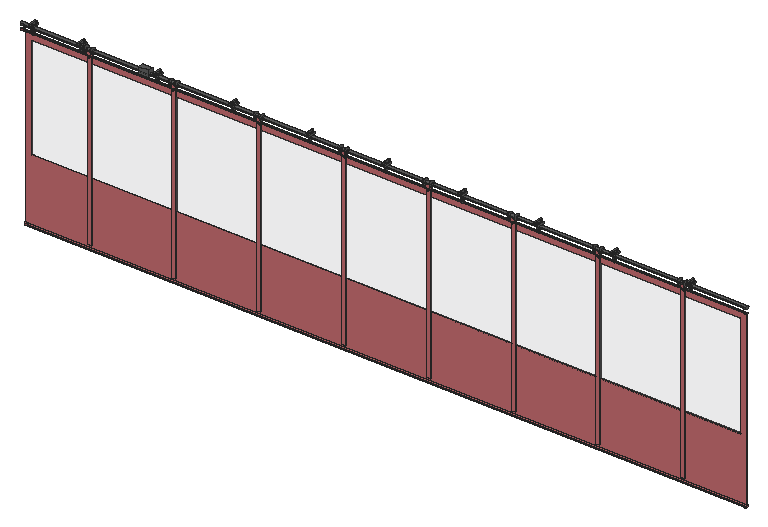
Revit family "Gymnasium-Eqpt_Divider-Curtain_IPIbybison_FoldUp", category Specialty Equipment, Revit 2018
Family settings
  Round Connector Dimension = Use Diameter
  Part Type = Normal
  OmniClass Number = 23.40.50.34.17
  OmniClass Title = Gymnasium Dividers
  Always vertical = Yes
  Cut with Voids When Loaded = No
  Shared = No
  Room Calculation Point = No
Parameters (values of type "as Specified")
  solidvinylheight [instance] = if(Show not in use, 2' 0", Solid Vinyl Height)  # 8' - 0"
  rollercount [instance] = (Unit Length - (Roller Spacing from Edge * 2)) / Roller Spacing  # 8
  meshvis [instance] = not(Show not in use)  # yes
  clampcount [instance] = if(Number of Clamps < 2, 2, Number of Clamps)  # 9
  Warranty Duration (Years) = 0
  Unit Weight [instance] = 0
  Unit Length [instance] = 90' - 0"
  URL = "https://ipibybison.com/"
  Strap Length [instance] = if(Show not in use, 1' 8", Opening Height - 0' 2" - 0' 6")  # 22' - 4"
  Specification = ""
  SpecWizard = ""
  Solid Vinyl Height [instance] = 8' - 0"
  Show not in use [instance] = no
  Second Clamp Spacing [instance] = 6' - 0"
  Sales Information = "https://ipibybison.com/ArchitectsPage.php"
  Roller Spacing from Edge [instance] = 8' - 0"
  Roller Spacing [instance] = 9' - 3"
  Revision = "R1_2018-06"
  Product Properties = ""
  Product Data = "http://www.arcat.com/arcatcos/cos49/arc49571.html"
  Panel Material [instance] = Vinyl - Solid - IPI by Bison - Red
  Opening Height [instance] = 23' - 0"
  Number of Clamps [instance] = (Unit Length - (Clamp Inset from Edge * 2) - (Second Clamp Spacing * 2)) / Clamp Spacing + 1  # 9
  Motor RPM [instance] = 0
  Motor HP [instance] = 0
  Model = "IP850"
  Mesh Material [instance] = Vinyl - Mesh - IPI by Bison - Gray
  Maximum Size = "40' Height x 120' Length"
  Manufacturer Website = "https://ipibybison.com/"
  Manufacturer Phone - Toll Free = "800-637-7968"
  Manufacturer Phone = ""
  Manufacturer Fax = "800-638-0698"
  Manufacturer Address = "603 L St  Lincoln, NE 68508"
  Manufacturer = "IPI by Bison"
  Maintenance Schedule (Months) = 0
  Locate Motor [instance] = 15' - 0"
  Keynote = "11 66 53"
  Installation-Fabrication = ""
  Installation Phase = ""
  Height of Bottom of Curtain [instance] = if(Show not in use, Curtain Height - 2' 0", 0' 0")  # 0' - 0"
  Green Building-LEED = ""
  Frame Finish [instance] = Finish - IPI by Bison - Black
  Flange Width [instance] = 0' - 7"
  Expected Lifespan (Years) = 0
  Electrical_Voltage [instance] = 0 V
  Electrical_VA [instance] = 0 VA
  Electrical_Phase [instance] = 1
  Electrical_Number of Poles [instance] = 1
  Electrical_Amperage [instance] = 0 A
  Drawn By = "Sumex Design, Inc. / Robert S. Weygant, CSI, CDT, SCIP"
  Description = "IPI by Bison Motorized Fold Up Divider Curtain - IP850 as Specified"
  Curtain Height [instance] = Opening Height - 0' 2" - 0' 6 1/4"  # 22' - 3 3/4"
  Copyright = "©Arcat Inc."
  Construction Details = ""
  Clamp Spacing [instance] = 10' - 0"
  Clamp Inset from Edge [instance] = 1' - 0"
  Available Options = "as Specified"
Reference planes (in)
  plane 1 "Center (Front/Back)": y = 0
  plane 2: z = 0
  plane 3 "Center (Left/Right)": x = 0
  plane 4: z = 269.75
  plane 5: x = -540
  plane 6: x = 540
  plane 7: x = -546
  plane 8: x = -528
  plane 9: x = 528
  plane 10: z = 98
  plane 11: z = 2
  plane 12: x = -456
  plane 13: x = 456
  plane 14: x = -444
  plane 15: x = 444
  plane 16: x = 546
  plane 17: x = -360
Forms (in)
  Extrusion 1, solid, material "Finish - IPI by Bison - Black" <- "Frame Finish"
    sketch origin (0, 0, 0) x (0, 1, 0) y (0, 0, 1)
      loop
        circle (0, 269.75) r 2
      loop
        circle (0, 262.05122) r 0.8125
    from -546 to 540
  Extrusion 2, solid, material "Finish - IPI by Bison - Black" <- "Frame Finish"
    sketch origin (0, 0, 0) x (1, 0, 0) y (0, 0, 1)
      loop
        line (-353, 276) -> (-367, 276) -> (-367, 266) -> (-353, 266) -> (-353, 276)
    from -3.90461 to 3.54338
  Extrusion 3, solid, material "Vinyl - Solid - IPI by Bison - Red" <- "Panel Material", visible <- "meshvis"
    sketch origin (0, 0, 0) x (1, 0, 0) y (0, 0, 1)
      loop
        line (-540, 261.23872) -> (-540, 2) -> (540, 2) -> (540, 261.23872) -> (-540, 261.23872)
      loop
        line (531, 98) -> (531, 252.23872) -> (-531, 252.23872) -> (-531, 98) -> (531, 98)
    from 0.125 to -0.125
  Extrusion 4, solid, material "Vinyl - Mesh - IPI by Bison - Gray" <- "Mesh Material", visible <- "meshvis"
    sketch origin (0, 0, 0) x (1, 0, 0) y (0, 0, 1)
      loop
        line (531, 98) -> (531, 252.23872) -> (-531, 252.23872) -> (-531, 98) -> (531, 98)
    from 0.125 to -0.125
  Extrusion 5, solid, material "Vinyl - Solid - IPI by Bison - Red" <- "Panel Material", visible <- "meshvis"
    sketch origin (0, 0, 0) x (0, 1, 0) y (0, 0, 1)
      loop
        circle (0, 3.71604) r 1.75
    from -540 to 540
  Extrusion 6, solid, material "Vinyl - Solid - IPI by Bison - Red" <- "Panel Material", visible <- "Show not in use"
    sketch origin (0, 0, 0) x (0, 1, 0) y (0, 0, 1)
      loop
        arc (1.75, 239.71604) -> (1.27582, 240.91387) -> (0.11024, 241.46257) r 1.75
        arc (0.11024, 241.46257) -> (2.23296, 240.98538) -> (4, 239.71604) r 5.45142
        line (4, 239.71604) -> (4, 258.46604) -> (0.125, 261.23872) -> (-0.125, 261.23872) -> (-4, 258.46604) -> (-4, 239.71604)
        arc (-4, 239.71604) -> (-2.23296, 240.98538) -> (-0.11024, 241.46257) r 5.45142
        arc (-0.11024, 241.46257) -> (-1.27582, 240.91387) -> (-1.75, 239.71604) r 1.75
        arc (-1.75, 239.71604) -> (0, 237.96604) -> (1.75, 239.71604) r 1.75
    from -540 to 540
Dimensions and locks (in)
  locked: level to plane 4 at 6.25
  equal spacing: plane 6, plane 3 "Center (Left/Right)", plane 5
  "Unit Length": plane 6 to plane 5
  locked: plane 5 to plane 7 at 6
  "Clamp Inset from Edge": plane 8 to plane 5
  "Clamp Inset from Edge": plane 9 to plane 6
  locked: plane 11 to level at 2
  "Opening Height": level to level
  Extrusion 2 sketch curve to plane 4 to Extrusion 2 sketch curve = 0' - 6 1/4" locked, 0' - 3 3/4" locked
  "Second Clamp Spacing": plane 12 to plane 8
  "Second Clamp Spacing": plane 13 to plane 9
  equal spacing: group 1, group 3, group 4, group 5, group 6, group 7, group 8, group 9, group 2  (x3)
  "Roller Spacing from Edge": plane 15 to plane 6
  "Roller Spacing from Edge": plane 14 to plane 5
  equal spacing: group 10, group 12, group 13, group 14, group 15, group 16, group 17, group 11  (x3)
  locked: Extrusion 3 sketch curve to plane 5 at 9
  locked: Extrusion 3 sketch curve to plane 6 at 9
  plane 4 to Extrusion 3 sketch curve to Extrusion 3 sketch curve = 0' - 8.51128" locked, 0' - 9" locked
  locked: plane 6 to plane 16 at 6
  "Locate Motor": plane 17 to plane 5
  Extrusion 2 sketch curve to plane 17 to Extrusion 2 sketch curve = 0' - 7" locked, 0' - 7" locked
  locked: Extrusion 4 sketch curve to plane 5 at 9
  locked: plane 4 to Extrusion 4 sketch curve at 17.51128
  locked: Extrusion 4 sketch curve to plane 6 at 9
  locked: Extrusion 5 sketch curve to plane 11 at 1.71604
  plane 4 to Extrusion 6 sketch curve to Extrusion 6 sketch curve to Extrusion 6 sketch curve to Extrusion 6 sketch curve = 0' - 8.51128" locked, 0' - 2.77268" locked, 0' - 0" locked, 1' - 6 3/4" locked
  locked: plane 4 to Extrusion 6 sketch curve at 30.03396
  aligned and locked: level to plane 2
  aligned and locked: Extrusion 1 to plane 7
  aligned and locked: plane 6 to Extrusion 1
  aligned and locked: plane 8 to nested 1
  aligned and locked: plane 12 to nested 2
  aligned and locked: nested 3 to plane 13
  aligned and locked: nested 11 to plane 14
  aligned and locked: nested 12 to plane 15
  aligned and locked: plane 5 to Extrusion 3 sketch curve
  aligned and locked: plane 11 to Extrusion 3 sketch curve
  aligned and locked: plane 10 to Extrusion 4 sketch curve
  aligned and locked: Extrusion 5 to plane 6
  aligned and locked: Extrusion 5 to plane 5
  aligned and locked: plane 6 to Extrusion 6
  aligned and locked: Extrusion 6 to plane 5
Automatic sketch dimensions
  Extrusion 1 sketch curve to plane 1 "Center (Front/Back)" = 0' - 0"  (x2)
  Extrusion 1 sketch curve to plane 4 = 0' - 0"
  Extrusion 1 sketch curve to plane 4 = 0' - 7.69878"
  Extrusion 5 sketch curve to plane 1 "Center (Front/Back)" = 0' - 0"
  plane 6 to Extrusion 3 sketch curve = 0' - 0"
  Extrusion 3 sketch curve to plane 10 = 0' - 0"
  Extrusion 6 sketch curve to Extrusion 6 sketch curve = 0' - 0"  (x5)
  Extrusion 6 sketch curve to plane 1 "Center (Front/Back)" = 0' - 0"  (x2)
  plane 1 "Center (Front/Back)" to Extrusion 6 sketch curve = 0' - 0 1/8"
  Extrusion 6 sketch curve to Extrusion 6 sketch curve = 0' - 4"
  Extrusion 6 sketch curve to plane 1 "Center (Front/Back)" = 0' - 4"
  Extrusion 6 sketch curve to Extrusion 6 sketch curve = 0' - 3.70378"
  plane 1 "Center (Front/Back)" to Extrusion 6 sketch curve = 0' - 0.11024"
  Extrusion 6 sketch curve to plane 1 "Center (Front/Back)" = 0' - 0 1/8"
  radius of Extrusion 1 sketch curve = 0' - 2"
  radius of Extrusion 1 sketch curve = 0' - 0 13/16"
  radius of Extrusion 5 sketch curve = 0' - 1 3/4"
Nested families (in)
  nested 1: "RollerClamp" at (-528, 0, 276), Flange Width <- "Flange Width", finish <- "Frame Finish", type "RollerClamp"
    with finish Finish - IPI by Bison - Black, Flange Width 0' - 7"
  nested 2: "RollerClamp" at (-456, 0, 276), Flange Width <- "Flange Width", finish <- "Frame Finish", type "RollerClamp"
    with finish Finish - IPI by Bison - Black, Flange Width 0' - 7"
  nested 3: "RollerClamp" at (456, 0, 276), Flange Width <- "Flange Width", finish <- "Frame Finish", type "RollerClamp"
    with finish Finish - IPI by Bison - Black, Flange Width 0' - 7"
  nested 4: "RollerClamp" at (-342, 0, 276), Flange Width <- "Flange Width", finish <- "Frame Finish", type "RollerClamp"
    with finish Finish - IPI by Bison - Black, Flange Width 0' - 7"
  nested 5: "RollerClamp" at (-228, 0, 276), Flange Width <- "Flange Width", finish <- "Frame Finish", type "RollerClamp"
    with finish Finish - IPI by Bison - Black, Flange Width 0' - 7"
  nested 6: "RollerClamp" at (-114, 0, 276), Flange Width <- "Flange Width", finish <- "Frame Finish", type "RollerClamp"
    with finish Finish - IPI by Bison - Black, Flange Width 0' - 7"
  nested 7: "RollerClamp" at (0, 0, 276), Flange Width <- "Flange Width", finish <- "Frame Finish", type "RollerClamp"
    with finish Finish - IPI by Bison - Black, Flange Width 0' - 7"
  nested 8: "RollerClamp" at (114, 0, 276), Flange Width <- "Flange Width", finish <- "Frame Finish", type "RollerClamp"
    with finish Finish - IPI by Bison - Black, Flange Width 0' - 7"
  nested 9: "RollerClamp" at (228, 0, 276), Flange Width <- "Flange Width", finish <- "Frame Finish", type "RollerClamp"
    with finish Finish - IPI by Bison - Black, Flange Width 0' - 7"
  nested 10: "RollerClamp" at (342, 0, 276), Flange Width <- "Flange Width", finish <- "Frame Finish", type "RollerClamp"
    with finish Finish - IPI by Bison - Black, Flange Width 0' - 7"
  nested 11: "RollerSection" at (-444, 0, 276), finish <- "Frame Finish", vinyl <- "Panel Material", Flange Width <- "Flange Width", curtain height <- "Strap Length", type "RollerSection"
    with vinyl Vinyl - Solid - IPI by Bison - Red, finish Finish - IPI by Bison - Black, curtain height 22' - 4", Flange Width 0' - 7"
  nested 12: "RollerSection" at (444, 0, 276), finish <- "Frame Finish", vinyl <- "Panel Material", Flange Width <- "Flange Width", curtain height <- "Strap Length", type "RollerSection"
    with vinyl Vinyl - Solid - IPI by Bison - Red, finish Finish - IPI by Bison - Black, curtain height 22' - 4", Flange Width 0' - 7"
  nested 13: "RollerSection" at (-317.14286, 0, 276), finish <- "Frame Finish", vinyl <- "Panel Material", Flange Width <- "Flange Width", curtain height <- "Strap Length", type "RollerSection"
    with vinyl Vinyl - Solid - IPI by Bison - Red, finish Finish - IPI by Bison - Black, curtain height 22' - 4", Flange Width 0' - 7"
  nested 14: "RollerSection" at (-190.28571, 0, 276), finish <- "Frame Finish", vinyl <- "Panel Material", Flange Width <- "Flange Width", curtain height <- "Strap Length", type "RollerSection"
    with vinyl Vinyl - Solid - IPI by Bison - Red, finish Finish - IPI by Bison - Black, curtain height 22' - 4", Flange Width 0' - 7"
  nested 15: "RollerSection" at (-63.42857, 0, 276), finish <- "Frame Finish", vinyl <- "Panel Material", Flange Width <- "Flange Width", curtain height <- "Strap Length", type "RollerSection"
    with vinyl Vinyl - Solid - IPI by Bison - Red, finish Finish - IPI by Bison - Black, curtain height 22' - 4", Flange Width 0' - 7"
  nested 16: "RollerSection" at (63.42857, 0, 276), finish <- "Frame Finish", vinyl <- "Panel Material", Flange Width <- "Flange Width", curtain height <- "Strap Length", type "RollerSection"
    with vinyl Vinyl - Solid - IPI by Bison - Red, finish Finish - IPI by Bison - Black, curtain height 22' - 4", Flange Width 0' - 7"
  nested 17: "RollerSection" at (190.28571, 0, 276), finish <- "Frame Finish", vinyl <- "Panel Material", Flange Width <- "Flange Width", curtain height <- "Strap Length", type "RollerSection"
    with vinyl Vinyl - Solid - IPI by Bison - Red, finish Finish - IPI by Bison - Black, curtain height 22' - 4", Flange Width 0' - 7"
  nested 18: "RollerSection" at (317.14286, 0, 276), finish <- "Frame Finish", vinyl <- "Panel Material", Flange Width <- "Flange Width", curtain height <- "Strap Length", type "RollerSection"
    with vinyl Vinyl - Solid - IPI by Bison - Red, finish Finish - IPI by Bison - Black, curtain height 22' - 4", Flange Width 0' - 7"
Connectors (in)
  electrical at (-360, 3.90461, 271), driven by "Electrical_Number of Poles", driven by "Electrical_Voltage", driven by "Electrical_VA"
    settings: on Extrusion 2, index 1, voltage 0 V, apparent load 0 VA, apparent load phase1 0 VA, apparent load phase2 0 VA, apparent load phase3 0 VA, power factor 1, load classification "Motor", number of poles 1, system type 31, power factor state 1, is connector primary yes, connector utility no, sub classification motor no, connector description ""
Definition of nested family "RollerClamp"
  Parameters (values of type "RollerClamp")
    finish [instance] = none
    Flange Width [instance] = 0' - 7.17426"
    Default Elevation = 4' - 0"
  Reference planes (in)
    plane 1 "Center (Front/Back)": y = 0
    plane 2: z = 0
    plane 3 "Center (Left/Right)": x = 0
    plane 4: x = -5.5
    plane 5: x = 5.5
    plane 6: y = -3.67426
    plane 7: y = 3.5
    plane 8: y = 6
    plane 9: y = -6.17426
    plane 10: z = -6.25
    plane 11: z = -7.79281
  Forms (in)
    Extrusion 1, solid, material <- "finish"
      sketch origin (0, 0, 0) x (1, 0, 0) y (0, 0, 1)
        loop
          line (0, 0.5) -> (-2, 0.5) -> (-2, -0.1875) -> (-0.1875, -0.1875) -> (-0.1875, -2) -> (0, -2) -> (0, 0.5)
        loop
          line (2.5, -2.75) -> (0.5, -2.75) -> (0.5, -3) -> (2.25, -3) -> (2.25, -4.75) -> (2.5, -4.75) -> (2.5, -2.75)
        loop
          line (2.5, -9.79281) -> (2.5, -7.79281) -> (2.25, -7.79281) -> (2.25, -9.54281) -> (0.5, -9.54281) -> (0.5, -9.79281) -> (2.5, -9.79281)
      from -6 to 6.17426
    Extrusion 2, solid, material <- "finish"
      sketch origin (0, -6.17426, -0.80189) x (0, 0, -1) y (-1, 0, 0)
        loop
          line (-0.80189, 0) -> (-0.80189, -0.25) -> (0.94811, -0.25) -> (0.94811, -2) -> (1.19811, -2) -> (1.19811, 0) -> (-0.80189, 0)
      from 1.15098 to 3.18599
    Extrusion 3, solid, material <- "finish"
      sketch origin (0, 6, -0.80189) x (0, 0, -1) y (1, 0, 0)
        loop
          line (-0.80189, 0) -> (1.19811, 0) -> (1.19811, 2) -> (0.94811, 2) -> (0.94811, 0.25) -> (-0.80189, 0.25) -> (-0.80189, 0)
      from 0.92208 to 3.04069
    Revolve 4, solid, material <- "finish"
      sketch origin (1, 0, 0) x (0, 1, 0) y (0, 0, 1)
        loop
          line (-4.00957, -0.95793) -> (-4.25957, -0.95793) -> (-4.25957, -10.75215) -> (-4.00957, -10.75215) -> (-4.00957, -0.95793)
        axis (-4.00957, -10.75215) -> (-4.00957, -0.95793)
      angle from 0 to 360
    Revolve 5, solid, material <- "finish"
      sketch origin (1, 0.0625, 0) x (0, -1, 0) y (0, 0, 1)
        loop
          line (-4.00957, -0.95793) -> (-4.25957, -0.95793) -> (-4.25957, -10.75215) -> (-4.00957, -10.75215) -> (-4.00957, -0.95793)
        axis (-4.00957, -10.75215) -> (-4.00957, -0.95793)
      angle from 0 to 360
    Extrusion 6, solid, material <- "finish"
      sketch origin (0, 0, 0) x (0, 1, 0) y (0, 0, 1)
        loop
          circle (-1.23573, -8.26301) r 1
        loop
          circle (1.23573, -8.26301) r 1
      from 1.44286 to 2.14927
    Extrusion 7, solid, material <- "finish"
      sketch origin (0, 0, 0) x (0, 1, 0) y (0, 0, 1)
        loop
          arc (-1.04092, -13.68526) -> (0.00978, -15.09243) -> (1.06048, -13.68526) r 1.09585
          line (1.06048, -13.68526) -> (0.48918, -11.75711)
          arc (0.48918, -11.75711) -> (0.00978, -11.39916) -> (-0.46962, -11.75711) r 0.5
          line (-0.46962, -11.75711) -> (-1.04092, -13.68526)
        loop
          arc (-0.80122, -13.75628) -> (0.00978, -14.84243) -> (0.82078, -13.75628) r 0.84585
          line (0.82078, -13.75628) -> (0.24948, -11.82813)
          arc (0.24948, -11.82813) -> (0.00978, -11.64916) -> (-0.22992, -11.82813) r 0.25
          line (-0.22992, -11.82813) -> (-0.80122, -13.75628)
      from 0.18605 to 0.38374
    Extrusion 8, solid, material <- "finish"
      sketch origin (0, 0, 0) x (1, 0, 0) y (0, 0, 1)
        loop
          arc (0.82001, -11.32006) -> (0.32001, -11.82006) -> (-0.17999, -11.32006) r 0.5
          line (-0.17999, -11.32006) -> (-0.67999, -11.32006)
          arc (-0.67999, -11.32006) -> (0.32001, -12.32006) -> (1.32001, -11.32006) r 1
          line (1.32001, -11.32006) -> (1.32001, -9.30691) -> (0.82001, -9.30691) -> (0.82001, -11.32006)
      from -0.29844 to 0.23293
  Dimensions and locks (in)
    plane 5 to plane 3 "Center (Left/Right)" to plane 4 = 0' - 5 1/2", 0' - 5 1/2"
    "Flange Width": plane 6 to plane 7
    locked: plane 7 to plane 8 at 2.5
    locked: plane 9 to plane 6 at 2.5
    level to plane 10 = 0' - 6 1/4"
    aligned and locked: plane 2 to level
    aligned and locked: Extrusion 1 to plane 8
    aligned and locked: Extrusion 1 to plane 9
  Automatic sketch dimensions
    Extrusion 1 sketch curve to plane 3 "Center (Left/Right)" = 0' - 0"
    plane 3 "Center (Left/Right)" to Extrusion 1 sketch curve = 0' - 0 1/2"  (x2)
    Extrusion 1 sketch curve to plane 11 = 0' - 0"
    Extrusion 1 sketch curve to plane 3 "Center (Left/Right)" = 0' - 0 3/16"
    Extrusion 1 sketch curve to level = 0' - 0 3/16"
    Extrusion 1 sketch curve to Extrusion 1 sketch curve = 0' - 1 13/16"
    plane 3 "Center (Left/Right)" to Extrusion 1 sketch curve = 0' - 2 1/4"  (x2)
    Extrusion 1 sketch curve to Extrusion 1 sketch curve = 0' - 0 1/4"  (x4)
    plane 11 to Extrusion 1 sketch curve = 0' - 1 3/4"
    plane 10 to Extrusion 1 sketch curve = 0' - 1 1/2"
    Extrusion 1 sketch curve to Extrusion 1 sketch curve = 0' - 1 3/4"
    Extrusion 1 sketch curve to Extrusion 1 sketch curve = 0' - 0 3/4"
    level to Extrusion 1 sketch curve = 0' - 0 1/2"
    Extrusion 2 sketch curve to level = 0' - 0"
    Extrusion 2 sketch curve to plane 3 "Center (Left/Right)" = 0' - 0"
    level to Extrusion 2 sketch curve = 0' - 1 3/4"
    Extrusion 2 sketch curve to Extrusion 2 sketch curve = 0' - 0 1/4"  (x2)
    Extrusion 2 sketch curve to Extrusion 2 sketch curve = 0' - 1 3/4"
    Extrusion 3 sketch curve to level = 0' - 0"
    Extrusion 3 sketch curve to plane 3 "Center (Left/Right)" = 0' - 0"
    Extrusion 3 sketch curve to level = 0' - 1 3/4"
    Extrusion 3 sketch curve to Extrusion 3 sketch curve = 0' - 0 1/4"  (x2)
    Extrusion 3 sketch curve to Extrusion 3 sketch curve = 0' - 1 3/4"
    plane 6 to Revolve 4 sketch curve = 0' - 0.58531"
    Revolve 4 sketch curve to Revolve 4 sketch curve = 0' - 0 1/4"
    plane 11 to Revolve 4 sketch curve = 0' - 2.95934"
    Revolve 4 sketch curve to level = 0' - 0.95793"
    Revolve 4 sketch curve to Revolve 4 sketch curve = 0' - 0"  (x2)
    Revolve 4 sketch curve to Revolve 4 sketch curve = 0' - 0.29422"
    plane 7 to Revolve 5 sketch curve = 0' - 0.82207"
    Revolve 5 sketch curve to Revolve 5 sketch curve = 0' - 0 1/4"
    Revolve 5 sketch curve to plane 11 = 0' - 2.95934"
    level to Revolve 5 sketch curve = 0' - 0.95793"
    Revolve 5 sketch curve to Revolve 5 sketch curve = 0' - 0"  (x2)
    Revolve 5 sketch curve to Revolve 5 sketch curve = 0' - 0.29422"
    plane 11 to Extrusion 6 sketch curve = 0' - 0.4702"  (x2)
    plane 1 "Center (Front/Back)" to Extrusion 6 sketch curve = 0' - 1.23573"
    Extrusion 6 sketch curve to plane 1 "Center (Front/Back)" = 0' - 1.23573"
    plane 1 "Center (Front/Back)" to Extrusion 7 sketch curve = 0' - 1.04092"
    plane 1 "Center (Front/Back)" to Extrusion 7 sketch curve = 0' - 0.46962"
    Extrusion 7 sketch curve to plane 1 "Center (Front/Back)" = 0' - 0.00978"  (x2)
    Extrusion 7 sketch curve to plane 1 "Center (Front/Back)" = 0' - 0.48918"
    Extrusion 7 sketch curve to plane 1 "Center (Front/Back)" = 0' - 1.06048"
    plane 11 to Extrusion 7 sketch curve = 0' - 6.20376"
    Extrusion 7 sketch curve to Extrusion 7 sketch curve = 0' - 0.31132"
    Extrusion 7 sketch curve to Extrusion 7 sketch curve = 0' - 1.7861"
    Extrusion 7 sketch curve to Extrusion 7 sketch curve = 0' - 0.14204"
    Extrusion 7 sketch curve to Extrusion 7 sketch curve = 0' - 0"  (x4)
    Extrusion 7 sketch curve to Extrusion 7 sketch curve = 0' - 0.2397"  (x2)
    plane 1 "Center (Front/Back)" to Extrusion 7 sketch curve = 0' - 0.22992"
    Extrusion 7 sketch curve to plane 1 "Center (Front/Back)" = 0' - 0.24948"
    Extrusion 7 sketch curve to Extrusion 7 sketch curve = 0' - 0.07102"  (x2)
    Extrusion 8 sketch curve to Extrusion 8 sketch curve = 0' - 0"
    Extrusion 8 sketch curve to plane 3 "Center (Left/Right)" = 0' - 0.67999"
    plane 3 "Center (Left/Right)" to Extrusion 8 sketch curve = 0' - 0.32001"
    Extrusion 8 sketch curve to Extrusion 8 sketch curve = 0' - 0 1/2"
    plane 11 to Extrusion 8 sketch curve = 0' - 3.52725"
    Extrusion 8 sketch curve to Extrusion 8 sketch curve = 0' - 2.01316"
    radius of Extrusion 6 sketch curve = 0' - 1"  (x2)
Definition of nested family "RollerSection"
  Parameters (values of type "RollerSection")
    vinyl [instance] = none
    finish [instance] = none
    curtain height [instance] = 5' - 3.79281"
    Flange Width [instance] = 0' - 7.17426"
    Default Elevation = 4' - 0"
  Reference planes (in)
    plane 1 "Center (Front/Back)": y = 0
    plane 2: z = 0
    plane 3 "Center (Left/Right)": x = 0
    plane 4: x = -4.75
    plane 5: x = 4.75
    plane 6: y = -3.67426
    plane 7: y = 3.5
    plane 8: y = 6
    plane 9: y = -6.17426
    plane 10: z = -6.25
    plane 11: z = -7.79281
    plane 12: z = -63.79281
  Forms (in)
    Extrusion 1, solid, material <- "finish"
      sketch origin (0, 0, 0) x (0, 1, 0) y (0, 0, 1)
        loop
          circle (0, -6.25) r 4
      from -4.75 to -4.40305
    Extrusion 2, solid, material <- "finish"
      sketch origin (0, 0, 0) x (0, 1, 0) y (0, 0, 1)
        loop
          circle (0, -6.25) r 2.25
      from -6.92857 to 6.97986
    Extrusion 3, solid, material <- "finish"
      sketch origin (0, 0, 0) x (0, 1, 0) y (0, 0, -1)
        loop
          circle (0, 6.25) r 4
      from -4.75 to -4.40305
    Extrusion 4, solid, material <- "vinyl"
      sketch origin (0, 0, 0) x (0, 1, 0) y (0, 0, 1)
        loop
          line (-1.5, -6.25) -> (-1.62548, -6.25) -> (-0.91703, -14.34764) -> (-0.24284, -16.25256) -> (0.24284, -16.25256) -> (0.91703, -14.34764) -> (1.62548, -6.25) -> (1.5, -6.25) -> (0.79389, -14.32091) -> (0.125, -16.21085) -> (-0.125, -16.21085) -> (-0.79389, -14.32091) -> (-1.5, -6.25)
      from 3 to -3
    Extrusion 5, solid, material <- "vinyl"
      sketch origin (0, 0, 0) x (0, 1, 0) y (0, 0, 1)
        loop
          line (-0.24284, -16.25256) -> (-0.24284, -63.79281) -> (-0.11784, -63.79281) -> (-0.11784, -16.25256) -> (-0.24284, -16.25256)
        loop
          line (0.24284, -16.25256) -> (0.11784, -16.25256) -> (0.11784, -63.79281) -> (0.24284, -63.79281) -> (0.24284, -16.25256)
      from 3 to -3
  Dimensions and locks (in)
    plane 5 to plane 3 "Center (Left/Right)" to plane 4 = 0' - 4 3/4", 0' - 4 3/4"
    "Flange Width": plane 6 to plane 7
    locked: plane 7 to plane 8 at 2.5
    locked: plane 9 to plane 6 at 2.5
    level to plane 10 = 0' - 6 1/4"
    "curtain height": level to plane 12
    aligned and locked: plane 2 to level
    aligned and locked: plane 12 to Extrusion 5 sketch curve
    aligned and locked: Extrusion 5 sketch curve to plane 12
  Automatic sketch dimensions
    Extrusion 1 sketch curve to plane 1 "Center (Front/Back)" = 0' - 0"
    Extrusion 1 sketch curve to plane 10 = 0' - 0"
    Extrusion 2 sketch curve to plane 1 "Center (Front/Back)" = 0' - 0"
    Extrusion 2 sketch curve to plane 10 = 0' - 0"
    Extrusion 3 sketch curve to plane 1 "Center (Front/Back)" = 0' - 0"
    Extrusion 3 sketch curve to plane 10 = 0' - 0"
    Extrusion 4 sketch curve to plane 10 = 0' - 0"  (x2)
    plane 1 "Center (Front/Back)" to Extrusion 4 sketch curve = 0' - 1.62548"
    Extrusion 4 sketch curve to Extrusion 4 sketch curve = 0' - 0.12548"  (x2)
    plane 1 "Center (Front/Back)" to Extrusion 4 sketch curve = 0' - 0.91703"
    Extrusion 4 sketch curve to Extrusion 4 sketch curve = 0' - 0.12314"  (x2)
    plane 1 "Center (Front/Back)" to Extrusion 4 sketch curve = 0' - 0 1/8"
    Extrusion 4 sketch curve to plane 1 "Center (Front/Back)" = 0' - 0 1/8"
    Extrusion 4 sketch curve to plane 1 "Center (Front/Back)" = 0' - 0.79389"
    Extrusion 4 sketch curve to plane 1 "Center (Front/Back)" = 0' - 1 1/2"
    plane 11 to Extrusion 4 sketch curve = 0' - 6.5281"
    Extrusion 4 sketch curve to Extrusion 4 sketch curve = 0' - 0"
    Extrusion 4 sketch curve to Extrusion 4 sketch curve = 0' - 0.02672"  (x2)
    Extrusion 4 sketch curve to Extrusion 4 sketch curve = 0' - 1.88994"
    Extrusion 4 sketch curve to Extrusion 4 sketch curve = 0' - 0.11784"  (x2)
    Extrusion 4 sketch curve to Extrusion 4 sketch curve = 0' - 0.04171"
    plane 1 "Center (Front/Back)" to Extrusion 5 sketch curve = 0' - 0.24284"
    plane 1 "Center (Front/Back)" to Extrusion 5 sketch curve = 0' - 0.11784"
    Extrusion 5 sketch curve to plane 1 "Center (Front/Back)" = 0' - 0.11784"
    Extrusion 5 sketch curve to Extrusion 5 sketch curve = 0' - 0 1/8"
    plane 11 to Extrusion 5 sketch curve = 0' - 8.45974"
    Extrusion 5 sketch curve to Extrusion 5 sketch curve = 0' - 0"
    radius of Extrusion 1 sketch curve = 0' - 4"
    radius of Extrusion 2 sketch curve = 0' - 2 1/4"
    radius of Extrusion 3 sketch curve = 0' - 4"
